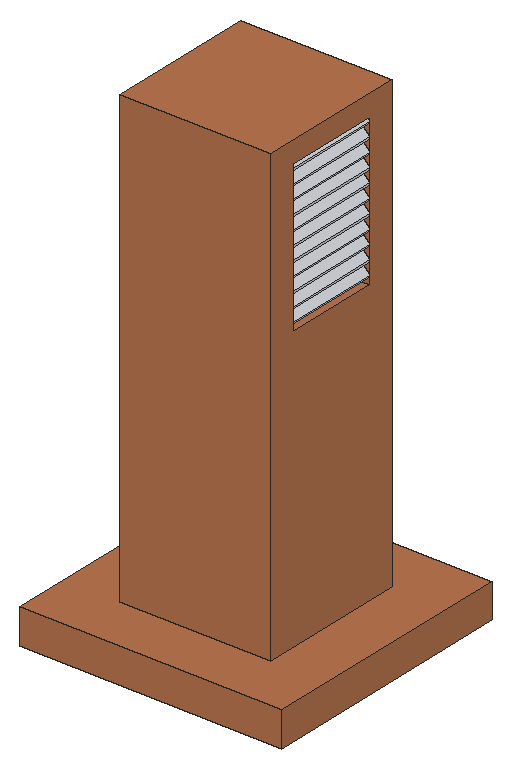
Revit family "EX_Bollard forward Throw Light", category Lighting Fixtures, Revit 2013
Parameters (values of type "Bollard")
  Wattage = 35 W
  built-in parameter 1150110 = 1 (stored number, unit not read)
  built-in parameter 1114217 = 1 (stored number, unit not read)
  built-in parameter 1150109 = 1 (stored number, unit not read)
  built-in parameter 1150134 = 4
  built-in parameter 1150113 = 1 (stored number, unit not read)
  Tilt Angle = -120.00°
  Photometric Web File = "SLE1PS30.IES"
  Model = ""
  Manufacturer = ""
  built-in parameter 1150115 = 1 (stored number, unit not read)
  built-in parameter 1150105 = 56.735 (stored number, unit not read)
  Load Classification = Ltg
  Light Type [instance] = "EX"
  built-in parameter 1150137 = 1
  built-in parameter 1150139 = (empty or 0)
  Light Body = Light Body
  built-in parameter 1150112 = 1 (stored number, unit not read)
  built-in parameter 1150114 = 1 (stored number, unit not read)
  built-in parameter 1150132 = (empty or 0)
  built-in parameter 1150102 = (empty or 0)
  built-in parameter 1150138 = (empty or 0)
  built-in parameter 1150107 = 2800 (stored number, unit not read)
  built-in parameter 1150106 = 0.56735 (stored number, unit not read)
  built-in parameter 1150104 = 1.8924 (stored number, unit not read)
  Dimming Lamp Color Temperature Shift = <None>
  Color Filter = 16777215
  Ballast Voltage = 230 V
  Ballast Number of Poles = 1
  built-in parameter 1114218 = 1 (stored number, unit not read)
  built-in parameter 1150133 = 10 (stored number, unit not read)
  Assembly Code = ""
  Lamp = "HIT"
  Lumens = 712.95 lm
  Shade = Metal - Paint Finish - Ivory, Glossy
  Stand = Metal - Paint Finish - Ivory, Glossy
  Wattage Comments = "35"
  Apparent Load = 35 VA
Reference planes
  plane 1 "Light Source Axis": y = 0
  plane 2: z = 0
  plane 3 "Light Source Axis": x = 0
  plane 4 "Light Source Elevation": z = 285
  plane 5: y = 55
  plane 6 "South Side": y = -55
  plane 7: x = -55
  plane 8 "Right Side": x = 55
  plane 9: x = -95
  plane 10: x = 95
  plane 11: y = 95
  plane 12: y = -95
  plane 13: z = 339.588
  plane 14: z = 230.476
  plane 15 "Louver": y = -35
  plane 16: y = 35
  plane 17: x = 49
  plane 18: x = 49
  plane 19: x = 49
  plane 20: x = 49
  plane 21: x = 49
  plane 22: x = 49
  plane 23: x = 49
  plane 24: x = 49
  plane 25: x = 49
  plane 26: x = 49
  plane 27: x = 49
Forms (mm)
  Extrusion 1, solid, material "Light Body"
    sketch origin (0, 0, 0) x (1, 0, 0) y (0, 1, 0)
      loop
        line (-95, -95) -> (95, -95) -> (95, 95) -> (-95, 95) -> (-95, -95)
    from 0 to 25
  Extrusion 2, solid, material "Light Body"
    sketch origin (0, 0, 0) x (1, 0, 0) y (0, 1, 0)
      loop
        line (-55, -55) -> (55, -55) -> (55, 55) -> (-55, 55) -> (-55, -55)
      loop
        line (-49, -49) -> (49, -49) -> (49, 49) -> (-49, 49) -> (-49, -49)
    from 25 to 350
  Extrusion 3, void
    sketch origin (55, 0, 0) x (0, 1, 0) y (0, 0, 1)
      loop
        line (-35, 230.476) -> (35, 230.476) -> (35, 339.588) -> (-35, 339.588) -> (-35, 230.476)
    from 0 to -6
  Extrusion 4, solid
    sketch origin (0, -35, 0) x (0, 0, 1) y (1, 0, 0)
      loop
        line (235.476, 55) -> (241.476, 49) -> (242.446, 49) -> (236.446, 55) -> (235.476, 55)
    from 0 to 70
  Extrusion 5, solid
    sketch origin (0, -35, 10) x (0, 0, 1) y (1, 0, 0)
      loop
        line (235.476, 55) -> (241.476, 49) -> (242.446, 49) -> (236.446, 55) -> (235.476, 55)
    from 0 to 70
  Extrusion 6, solid
    sketch origin (0, -35, 20) x (0, 0, 1) y (1, 0, 0)
      loop
        line (235.476, 55) -> (241.476, 49) -> (242.446, 49) -> (236.446, 55) -> (235.476, 55)
    from 0 to 70
  Extrusion 7, solid
    sketch origin (0, -35, 30) x (0, 0, 1) y (1, 0, 0)
      loop
        line (235.476, 55) -> (241.476, 49) -> (242.446, 49) -> (236.446, 55) -> (235.476, 55)
    from 0 to 70
  Extrusion 8, solid
    sketch origin (0, -35, 40) x (0, 0, 1) y (1, 0, 0)
      loop
        line (235.476, 55) -> (241.476, 49) -> (242.446, 49) -> (236.446, 55) -> (235.476, 55)
    from 0 to 70
  Extrusion 9, solid
    sketch origin (0, -35, 50) x (0, 0, 1) y (1, 0, 0)
      loop
        line (235.476, 55) -> (241.476, 49) -> (242.446, 49) -> (236.446, 55) -> (235.476, 55)
    from 0 to 70
  Extrusion 10, solid
    sketch origin (0, -35, 60) x (0, 0, 1) y (1, 0, 0)
      loop
        line (235.476, 55) -> (241.476, 49) -> (242.446, 49) -> (236.446, 55) -> (235.476, 55)
    from 0 to 70
  Extrusion 11, solid
    sketch origin (0, -35, 70) x (0, 0, 1) y (1, 0, 0)
      loop
        line (235.476, 55) -> (241.476, 49) -> (242.446, 49) -> (236.446, 55) -> (235.476, 55)
    from 0 to 70
  Extrusion 12, solid
    sketch origin (0, -35, 80) x (0, 0, 1) y (1, 0, 0)
      loop
        line (235.476, 55) -> (241.476, 49) -> (242.446, 49) -> (236.446, 55) -> (235.476, 55)
    from 0 to 70
  Extrusion 13, solid
    sketch origin (0, -35, 90) x (0, 0, 1) y (1, 0, 0)
      loop
        line (235.476, 55) -> (241.476, 49) -> (242.446, 49) -> (236.446, 55) -> (235.476, 55)
    from 0 to 70
  Extrusion 14, solid
    sketch origin (0, -35, 100) x (0, 0, 1) y (1, 0, 0)
      loop
        line (235.476, 55) -> (241.476, 49) -> (242.446, 49) -> (236.446, 55) -> (235.476, 55)
    from 0 to 70
  Extrusion 15, solid, material "Light Body"
    sketch origin (0, 0, 0) x (1, 0, 0) y (0, 1, 0)
      loop
        line (-55, -55) -> (55, -55) -> (55, 55) -> (-55, 55) -> (-55, -55)
    from 350 to 355
Cuts and joins
  Extrusion 3 cuts Extrusion 2
  joined: Extrusion 2, Extrusion 15
Dimensions and locks
  imposter light to level = 285 mm
  plane 8 "Right Side" to plane 17 = 6 mm
  aligned and locked: plane 3 "Light Source Axis" to imposter light
  aligned and locked: plane 1 "Light Source Axis" to imposter light
  aligned and locked: plane 4 "Light Source Elevation" to imposter light
Nested families
  nested 1: "EL_EX" at (0, 0, 0), type "EL_EX"
Connectors
  electrical at (0, 0, 355), driven by "Load Classification"
    settings: on cut or joined group of Extrusion 2, Extrusion 3, Extrusion 15, index 1, voltage 230 V, apparent load 0 VA, apparent load phase1 35 VA, apparent load phase2 0 VA, apparent load phase3 0 VA, power factor 0.9, load classification "Ltg", number of poles 1, system type 31, power factor state 1, is connector primary yes, connector utility no, sub classification motor no, connector description ""
Definition of nested family "EL_EX"
  Reference planes
    plane 1: y = 0
    plane 2: x = 0
  Lines and regions (mm)
    detail lines, style "Lighting Symbols"
      curve 1: line (-1.6, -1.6, 0) -> (1.6, -1.6, 0)
      curve 2: line (-1.6, 1.6, 0) -> (-1.6, -1.6, 0)
      curve 3: line (1.6, 1.6, 0) -> (-1.6, 1.6, 0)
      curve 4: line (1.6, -1.6, 0) -> (1.6, 1.6, 0)
      curve 5: line (-1.2, 1.2, 0) -> (1.2, 1.2, 0)
      curve 6: line (-1.2, -1.2, 0) -> (-1.2, 1.2, 0)
      curve 7: line (1.2, -1.2, 0) -> (-1.2, -1.2, 0)
      curve 8: line (1.2, 1.2, 0) -> (1.2, -1.2, 0)
      curve 9: line (-0.95, 0.95, 0) -> (0.95, 0.95, 0)
      curve 10: line (-0.95, -0.95, 0) -> (-0.95, 0.95, 0)
      curve 11: line (0.95, -0.95, 0) -> (-0.95, -0.95, 0)
      curve 12: line (0.95, 0.95, 0) -> (0.95, -0.95, 0)
      curve 13: line (0.95, 0, 0) -> (1.2, 0, 0)
      curve 14: line (0, -1.2, 0) -> (0, -0.95, 0)
      curve 15: line (0, 1.2, 0) -> (0, 0.95, 0)
      curve 16: line (-0.95, 0, 0) -> (-1.2, 0, 0)
